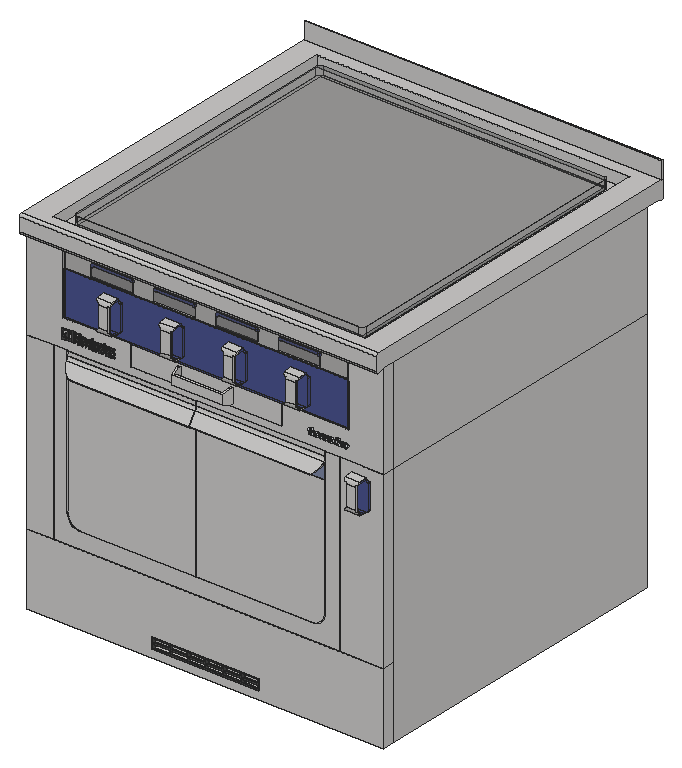
Revit family "QF_ELECTROLUXPROFESSIONAL_588472_MATHFBH4AO", category Attrezzature speciali, Revit 2020 (continued)
Definition of nested family "Front_Panel_W800_Four Knobs"
  Definition of nested family "ELX_Professional_Logo_Small"
    Forms (mm)
      Extrusion 2, solid, material <- "Material_Logo"
        sketch origin (15.5, 0, 0) x (1, 0, 0) y (0, 1, 0)
          loop
            spline (15.638, 1.633) -> (15.586, 2.396) -> (15.435, 3.124) -> (15.192, 3.81) -> (14.863, 4.449) -> (14.455, 5.034) -> (13.975, 5.56) -> (13.43, 6.021) -> (12.826, 6.411) -> (12.17, 6.724) -> (11.469, 6.955) -> (10.729, 7.098) -> (9.958, 7.147)
            spline (9.958, 7.147) -> (9.182, 7.098) -> (8.44, 6.955) -> (7.737, 6.724) -> (7.081, 6.411) -> (6.477, 6.021) -> (5.933, 5.56) -> (5.454, 5.034) -> (5.048, 4.449) -> (4.721, 3.81) -> (4.479, 3.124) -> (4.329, 2.396) -> (4.277, 1.633)
            spline (4.277, 1.633) -> (4.329, 0.869) -> (4.479, 0.141) -> (4.721, -0.544) -> (5.048, -1.183) -> (5.454, -1.768) -> (5.933, -2.294) -> (6.477, -2.755) -> (7.081, -3.145) -> (7.737, -3.459) -> (8.44, -3.69) -> (9.182, -3.833) -> (9.958, -3.882)
            spline (9.958, -3.882) -> (10.729, -3.833) -> (11.469, -3.69) -> (12.17, -3.459) -> (12.826, -3.145) -> (13.43, -2.755) -> (13.975, -2.294) -> (14.455, -1.768) -> (14.863, -1.183) -> (15.192, -0.544) -> (15.435, 0.141) -> (15.586, 0.869) -> (15.638, 1.633)
          loop
            spline (13.18, 1.633) -> (13.151, 2.083) -> (13.067, 2.513) -> (12.932, 2.918) -> (12.748, 3.296) -> (12.52, 3.642) -> (12.251, 3.954) -> (11.943, 4.227) -> (11.601, 4.459) -> (11.228, 4.645) -> (10.828, 4.782) -> (10.403, 4.867) -> (9.958, 4.896)
            spline (9.958, 4.896) -> (9.509, 4.867) -> (9.081, 4.782) -> (8.679, 4.645) -> (8.306, 4.459) -> (7.964, 4.227) -> (7.658, 3.954) -> (7.39, 3.642) -> (7.163, 3.296) -> (6.981, 2.918) -> (6.847, 2.513) -> (6.765, 2.083) -> (6.736, 1.633)
            spline (6.736, 1.633) -> (6.765, 1.182) -> (6.847, 0.753) -> (6.981, 0.347) -> (7.163, -0.031) -> (7.39, -0.377) -> (7.658, -0.689) -> (7.964, -0.962) -> (8.306, -1.193) -> (8.679, -1.38) -> (9.081, -1.517) -> (9.509, -1.602) -> (9.958, -1.631)
            spline (9.958, -1.631) -> (10.403, -1.602) -> (10.828, -1.517) -> (11.228, -1.38) -> (11.601, -1.193) -> (11.943, -0.962) -> (12.251, -0.689) -> (12.52, -0.377) -> (12.748, -0.031) -> (12.932, 0.347) -> (13.067, 0.753) -> (13.151, 1.182) -> (13.18, 1.633)
          loop
            line (17.162, 4.269) -> (17.162, -3.573) -> (19.642, -3.573) -> (19.642, 10.824) -> (17.162, 10.824) -> (17.162, 4.269)
          loop
            line (28.581, 6.838) -> (28.581, 0.786)
            spline (28.581, 0.786) -> (28.561, 0.393) -> (28.503, 0.038) -> (28.409, -0.279) -> (28.281, -0.559) -> (28.122, -0.802) -> (27.933, -1.011) -> (27.717, -1.185) -> (27.476, -1.325) -> (27.213, -1.433) -> (26.929, -1.509) -> (26.626, -1.554) -> (26.308, -1.569)
            spline (26.308, -1.569) -> (25.99, -1.554) -> (25.688, -1.509) -> (25.404, -1.434) -> (25.141, -1.326) -> (24.9, -1.187) -> (24.684, -1.014) -> (24.496, -0.807) -> (24.336, -0.565) -> (24.209, -0.288) -> (24.115, 0.026) -> (24.057, 0.376) -> (24.037, 0.765)
            line (24.037, 0.765) -> (24.037, 6.838) -> (21.537, 6.838) -> (21.537, 0.558)
            spline (21.537, 0.558) -> (21.581, -0.153) -> (21.71, -0.8) -> (21.916, -1.384) -> (22.195, -1.904) -> (22.54, -2.362) -> (22.944, -2.757) -> (23.403, -3.09) -> (23.909, -3.362) -> (24.456, -3.572) -> (25.04, -3.722) -> (25.652, -3.811) -> (26.288, -3.841)
            spline (26.288, -3.841) -> (26.929, -3.811) -> (27.547, -3.72) -> (28.135, -3.568) -> (28.687, -3.355) -> (29.197, -3.079) -> (29.66, -2.741) -> (30.068, -2.341) -> (30.415, -1.877) -> (30.696, -1.349) -> (30.905, -0.757) -> (31.034, -0.101) -> (31.079, 0.621)
            line (31.079, 0.621) -> (31.079, 6.838) -> (28.581, 6.838)
          loop
            line (40.457, -0.243) -> (38.894, 1.942) -> (40.83, 4.579) -> (42.488, 6.837) -> (39.782, 6.837) -> (37.53, 3.719) -> (35.258, 6.837) -> (32.573, 6.837) -> (34.113, 4.731) -> (36.167, 1.922) -> (34.014, -1.076) -> (32.222, -3.573) -> (34.887, -3.573) -> (37.53, 0.104) -> (40.174, -3.573) -> (42.839, -3.573) -> (40.457, -0.243)
          loop
            line (-46.121, -5.837) -> (-48.039, -5.837) -> (-48.039, -10.814) -> (-47.016, -10.814) -> (-47.016, -9.128) -> (-46.121, -9.128)
            arc (-46.121, -9.128) -> (-44.476, -7.482) -> (-46.121, -5.837) r 1.645
          loop
            line (-46.163, -6.778) -> (-47.016, -6.778) -> (-47.016, -8.187) -> (-46.163, -8.187)
            arc (-46.163, -8.187) -> (-45.458, -7.482) -> (-46.163, -6.778) r 0.704
          loop
            line (-38.313, -5.837) -> (-40.265, -5.837) -> (-40.265, -10.814) -> (-39.241, -10.814) -> (-39.241, -9.1) -> (-38.46, -9.182) -> (-37.48, -10.814) -> (-36.318, -10.814) -> (-37.513, -8.848)
            arc (-37.513, -8.848) -> (-36.888, -8.266) -> (-36.671, -7.441) r 1.536
            arc (-36.671, -7.441) -> (-37.165, -6.305) -> (-38.313, -5.837) r 1.643
          loop
            arc (-38.402, -8.166) -> (-37.707, -7.505) -> (-38.334, -6.778) r 0.696
            line (-38.334, -6.778) -> (-39.241, -6.778) -> (-39.241, -8.166) -> (-38.402, -8.166)
          loop
            circle (-29.965, -8.325) r 2.585
          loop
            circle (-29.965, -8.325) r 1.64
          loop
            line (-23.1, -5.837) -> (-23.1, -10.814) -> (-22.076, -10.814) -> (-22.076, -8.768) -> (-20.204, -8.768) -> (-20.204, -7.828) -> (-22.076, -7.828) -> (-22.076, -6.778) -> (-20.024, -6.778) -> (-20.024, -5.837) -> (-23.1, -5.837)
          loop
            line (-15.802, -5.837) -> (-15.802, -9.2)
            arc (-15.802, -9.2) -> (-15.343, -10.34) -> (-14.209, -10.814) r 1.593
            line (-14.209, -10.814) -> (-12.602, -10.814) -> (-12.602, -10.027) -> (-14.004, -10.027)
            arc (-14.004, -10.027) -> (-14.552, -9.8) -> (-14.779, -9.252) r 0.775
            line (-14.779, -9.252) -> (-14.779, -8.424) -> (-12.789, -8.424) -> (-12.789, -7.642) -> (-14.779, -7.642) -> (-14.779, -6.778) -> (-12.651, -6.778) -> (-12.651, -5.837) -> (-15.802, -5.837)
          loop
            line (-5.909, -7.143) -> (-5.173, -6.638)
            arc (-5.173, -6.638) -> (-5.855, -5.974) -> (-6.781, -5.755) r 1.782
            arc (-6.781, -5.755) -> (-7.397, -5.878) -> (-7.944, -6.189) r 1.974
            arc (-7.944, -6.189) -> (-8.202, -6.5) -> (-8.317, -6.888) r 1.013
            arc (-8.317, -6.888) -> (-8.306, -7.341) -> (-8.192, -7.78) r 1.985
            arc (-8.192, -7.78) -> (-7.749, -8.259) -> (-7.171, -8.563) r 1.928
            arc (-7.171, -8.563) -> (-6.637, -8.779) -> (-6.131, -9.056) r 5.041
            arc (-6.131, -9.056) -> (-5.934, -9.387) -> (-6.09, -9.74) r 0.42
            arc (-6.09, -9.74) -> (-6.631, -9.96) -> (-7.204, -9.845) r 1.016
            arc (-7.204, -9.845) -> (-7.625, -9.603) -> (-7.889, -9.196) r 1.033
            line (-7.889, -9.196) -> (-8.67, -9.686)
            arc (-8.67, -9.686) -> (-8.361, -10.198) -> (-7.908, -10.589) r 1.914
            arc (-7.908, -10.589) -> (-7.334, -10.834) -> (-6.714, -10.896) r 2.063
            arc (-6.714, -10.896) -> (-5.947, -10.743) -> (-5.256, -10.376) r 2.696
            arc (-5.256, -10.376) -> (-4.95, -9.565) -> (-5.108, -8.712) r 1.618
            arc (-5.108, -8.712) -> (-5.448, -8.319) -> (-5.884, -8.035) r 1.876
            arc (-5.884, -8.035) -> (-6.434, -7.789) -> (-6.999, -7.577) r 9.883
            arc (-6.999, -7.577) -> (-7.325, -7.07) -> (-6.854, -6.694) r 0.45
            arc (-6.854, -6.694) -> (-6.329, -6.809) -> (-5.909, -7.143) r 1.197
          loop
            line (1.61, -7.143) -> (2.345, -6.638)
            arc (2.345, -6.638) -> (1.663, -5.974) -> (0.737, -5.755) r 1.782
            arc (0.737, -5.755) -> (0.121, -5.878) -> (-0.425, -6.189) r 1.974
            arc (-0.425, -6.189) -> (-0.683, -6.5) -> (-0.799, -6.888) r 1.013
            arc (-0.799, -6.888) -> (-0.788, -7.341) -> (-0.674, -7.78) r 1.985
            arc (-0.674, -7.78) -> (-0.231, -8.259) -> (0.347, -8.563) r 1.928
            arc (0.347, -8.563) -> (0.881, -8.779) -> (1.387, -9.056) r 5.041
            arc (1.387, -9.056) -> (1.584, -9.387) -> (1.428, -9.74) r 0.42
            arc (1.428, -9.74) -> (0.887, -9.96) -> (0.314, -9.845) r 1.016
            arc (0.314, -9.845) -> (-0.107, -9.603) -> (-0.371, -9.196) r 1.033
            line (-0.371, -9.196) -> (-1.152, -9.686)
            arc (-1.152, -9.686) -> (-0.842, -10.198) -> (-0.39, -10.589) r 1.914
            arc (-0.39, -10.589) -> (0.184, -10.834) -> (0.804, -10.896) r 2.063
            arc (0.804, -10.896) -> (1.572, -10.743) -> (2.263, -10.376) r 2.696
            arc (2.263, -10.376) -> (2.568, -9.565) -> (2.411, -8.712) r 1.618
            arc (2.411, -8.712) -> (2.07, -8.319) -> (1.635, -8.035) r 1.876
            arc (1.635, -8.035) -> (1.084, -7.789) -> (0.519, -7.577) r 9.883
            arc (0.519, -7.577) -> (0.193, -7.07) -> (0.665, -6.694) r 0.45
            arc (0.665, -6.694) -> (1.189, -6.809) -> (1.61, -7.143) r 1.197
          loop
            line (6.801, -5.837) -> (6.801, -10.814) -> (7.825, -10.814) -> (7.825, -5.837) -> (6.801, -5.837)
          loop
            circle (14.724, -8.325) r 1.548
          loop
            circle (14.724, -8.325) r 2.585
          loop
            line (21.59, -10.814) -> (22.623, -10.814) -> (22.623, -7.685) -> (24.9, -10.814) -> (25.895, -10.814) -> (25.895, -5.837) -> (24.861, -5.837) -> (24.861, -9.061) -> (22.585, -5.837) -> (21.59, -5.837) -> (21.59, -10.814)
          loop
            line (31.054, -10.814) -> (31.539, -9.74) -> (33.38, -9.74) -> (33.865, -10.814) -> (34.965, -10.814) -> (32.46, -5.837) -> (29.956, -10.814) -> (31.054, -10.814)
          loop
            line (32.46, -7.698) -> (31.999, -8.719) -> (32.921, -8.719) -> (32.46, -7.698)
          loop
            line (40.047, -9.873) -> (40.047, -5.837) -> (39.024, -5.837) -> (39.024, -10.814) -> (41.961, -10.814) -> (41.961, -9.873) -> (40.047, -9.873)
          loop
            line (-74.986, -10.814) -> (-53.322, -10.814) -> (-53.322, 10.82) -> (-74.986, 10.82) -> (-74.986, -10.814)
          loop
            line (-61.261, 9.758) -> (-61.261, -9.707)
            arc (-61.261, -9.707) -> (-54.066, 0.025) -> (-61.261, 9.758) r 10.18
          loop
            line (-62.251, 8.349) -> (-62.251, 9.758)
            arc (-62.251, 9.758) -> (-70.347, 7.918) -> (-74.247, 0.59) r 9.976
            line (-74.247, 0.59) -> (-71.026, 0.59)
            arc (-71.026, 0.59) -> (-65.274, 2.925) -> (-62.251, 8.349) r 9.351
          loop
            arc (-74.247, -0.539) -> (-70.353, -7.928) -> (-62.251, -9.957) r 10.237
            line (-62.251, -9.957) -> (-62.251, -8.298)
            arc (-62.251, -8.298) -> (-65.274, -2.874) -> (-71.026, -0.539) r 9.351
            line (-71.026, -0.539) -> (-74.247, -0.539)
        from 0 to 1.644
    Dimensions and locks
      aligned and locked: plane 2 to Extrusion 1
      aligned and locked: level to Extrusion 1
Definition of nested family "H450H2_2DOOR"
  Parameters
    Width [instance] = 580 mm
    Wdoor [instance] = Width / 2  # 290 mm
    Show Clearance [instance] = yes
    Model = "727995"
    Height = 450 mm
    Default Elevation = 0 mm
  Reference planes
    plane 1 "Center (Front/Back)": y = 0
    plane 2: z = 0
    plane 3 "Center (Left/Right)": x = 36.042
    plane 4 "panel": z = 25
    plane 5: x = -253.958
    plane 6: x = 326.042
    plane 7: y = 450
    plane 8: z = 290
    plane 9: z = 45
  Forms (mm)
    Extrusion 1, solid
      sketch origin (0, -919.2, 0) x (1, 0, 0) y (0, 1, 0)
        loop
          line (-980.5, 2119.2) -> (-980.5, -162.846) -> (881.94, -162.846) -> (881.94, 2119.2) -> (-980.5, 2119.2)
      from 0 to -59.546
    Extrusion 2, solid
      sketch origin (0, 0, 0) x (1, 0, 0) y (0, 1, 0)
        loop
          line (324.042, 393) -> (37.042, 393) -> (37.042, 97) -> (294.042, 97)
          arc (294.042, 97) -> (315.255, 105.787) -> (324.042, 127) r 30
          line (324.042, 127) -> (324.042, 393)
        loop
          arc (-251.958, 127) -> (-243.171, 105.787) -> (-221.958, 97) r 30
          line (-221.958, 97) -> (35.042, 97) -> (35.042, 393) -> (-251.958, 393) -> (-251.958, 127)
      from 0 to 25
    Extrusion 3, solid
      sketch origin (0, 0, 0) x (1, 0, 0) y (0, 1, 0)
        loop
          line (-251.958, 393) -> (35.042, 393) -> (35.042, 440) -> (-251.958, 440) -> (-251.958, 393)
        loop
          line (37.042, 440) -> (37.042, 393) -> (324.042, 393) -> (324.042, 440) -> (37.042, 440)
      from 0 to 25
    Extrusion 4, solid
      sketch origin (5.581, 79.805, 0) x (1, 0, 0) y (0, 1, 0)
        loop
          line (-257.539, 360.195) -> (29.461, 360.195) -> (29.461, 370.195) -> (-257.539, 370.195) -> (-257.539, 360.195)
        loop
          line (31.461, 370.195) -> (31.461, 360.195) -> (318.461, 360.195) -> (318.461, 370.195) -> (31.461, 370.195)
      from 0 to 25
    Extrusion 5, solid
      sketch origin (36.042, 0, 0) x (0, 1, 0) y (0, 0, 1)
        loop
          line (426.693, 25) -> (440.02, 25)
          arc (440.02, 25) -> (435.261, 25.775) -> (430.993, 28.02) r 15
          line (430.993, 28.02) -> (406.653, 46.362) -> (403.644, 42.369) -> (426.693, 25)
      from 1 to 288
    Extrusion 6, solid
      sketch origin (36.042, 0, 0) x (0, 1, 0) y (0, 0, 1)
        loop
          line (426.693, 25) -> (440.02, 25)
          arc (440.02, 25) -> (435.261, 25.775) -> (430.993, 28.02) r 15
          line (430.993, 28.02) -> (406.653, 46.362) -> (403.644, 42.369) -> (426.693, 25)
      from -288 to -1
    Extrusion 7, void
      sketch origin (0, 0, 0) x (1, 0, 0) y (0, 1, 0)
        loop
          arc (324.042, 426.693) -> (314.508, 412.772) -> (300.317, 403.644) r 42.603
          line (300.317, 403.644) -> (324.042, 403.644) -> (324.042, 426.693)
      from 0 to 47.9
    Extrusion 8, void
      sketch origin (72.084, 0, 0) x (-1, 0, 0) y (0, -1, 0)
        loop
          line (324.042, -426.693) -> (324.042, -403.644) -> (300.317, -403.644)
          arc (300.317, -403.644) -> (314.508, -412.772) -> (324.042, -426.693) r 42.603
      from 0 to 47.9
    Extrusion 9, solid, detail levels coarse
      sketch origin (0, 0, 0) x (1, 0, 0) y (0, 0, 1)
        loop
          arc (36.042, 25) -> (-41.575, 212.383) -> (-228.958, 290) r 265
          line (-228.958, 290) -> (-228.958, 25) -> (36.042, 25)
      from -450 to -97
    Extrusion 10, solid, detail levels coarse
      sketch origin (0, 0, 0) x (1, 0, 0) y (0, 0, 1)
        loop
          arc (301.042, 290) -> (113.659, 212.383) -> (36.042, 25) r 265
          line (36.042, 25) -> (301.042, 25) -> (301.042, 290)
      from -450 to -97
  Cuts and joins
    Extrusion 8 cuts Extrusion 6
    Extrusion 7 cuts Extrusion 5
  Lines and regions (mm)
    symbolic lines
      curve 1: line (326.042, 0, 45) -> (326.042, 0, 290)
      curve 2: line (301.042, 0, 45) -> (301.042, 0, 290)
      curve 3: line (326.042, 0, 290) -> (301.042, 0, 290)
      curve 4: line (-253.958, 0, 45) -> (-253.958, 0, 290)
      curve 5: line (-228.958, 0, 45) -> (-228.958, 0, 290)
      curve 6: line (-253.958, 0, 290) -> (-228.958, 0, 290)
      curve 7: arc (301.042, 0, 290) -> (120.901, 0, 219.356) -> (36.804, 0, 45.088) r 265
      curve 8: arc (35.286, 0, 44.997) -> (-48.783, 0, 219.325) -> (-228.958, 0, 290) r 265
  Dimensions and locks
    plane 4 "panel" to level = 25 mm
    "Width": plane 5 to plane 6
    equal spacing: plane 5, plane 3 "Center (Left/Right)", plane 6
    "Height": plane 1 "Center (Front/Back)" to plane 7
    locked: plane 5 to Extrusion 2 sketch curve at 2
    locked: Extrusion 2 sketch curve to plane 6 at 2
    locked: plane 1 "Center (Front/Back)" to Extrusion 2 sketch curve at 97
    locked: plane 7 to Extrusion 2 sketch curve at 57
    locked: Extrusion 2 sketch curve to plane 3 "Center (Left/Right)" at 1
    locked: plane 3 "Center (Left/Right)" to Extrusion 2 sketch curve at 1
    Extrusion 3 sketch curve to Extrusion 2 = 47 mm
    "Wdoor": plane 8 to level
    locked: curve 2 to curve 1 at 25
    locked: curve 5 to curve 4 at 25
    plane 4 "panel" to plane 9 = 20 mm
    aligned and locked: plane 2 to Extrusion 1
    aligned and locked: level to Extrusion 1
    aligned and locked: plane 4 "panel" to Extrusion 2
    aligned and locked: Extrusion 2 to Extrusion 3 sketch curve
    aligned and locked: Extrusion 3 sketch curve to Extrusion 2  (x2)
    aligned and locked: Extrusion 3 sketch curve to Extrusion 3 sketch curve
    aligned and locked: plane 4 "panel" to Extrusion 3
    aligned and locked: Extrusion 4 sketch curve to Extrusion 4 sketch curve
    aligned and locked: Extrusion 4 sketch curve to Extrusion 3  (x3)
    aligned and locked: Extrusion 3 to Extrusion 4 sketch curve
    aligned and locked: Extrusion 4 sketch curve to plane 7
    aligned and locked: Extrusion 3 to Extrusion 5
    aligned and locked: Extrusion 5 to Extrusion 3
    aligned and locked: Extrusion 6 to Extrusion 3
    aligned and locked: Extrusion 3 to Extrusion 6
    aligned and locked: Extrusion 7 sketch curve to Extrusion 5
    aligned and locked: Extrusion 8 to Extrusion 6
    aligned and locked: Extrusion 4 to Extrusion 8
    aligned and locked: Extrusion 2 to Extrusion 7
    aligned and locked: Extrusion 7 to Extrusion 5
    aligned and locked: Extrusion 4 to Extrusion 3  (x2)
    aligned and locked: Extrusion 3 to Extrusion 2
    aligned and locked: Extrusion 4 to Extrusion 2
    aligned and locked: curve 3 to plane 8
    aligned and locked: curve 1 to plane 6
    aligned and locked: curve 4 to plane 5
    aligned and locked: Extrusion 9 sketch curve to plane 4 "panel"
    aligned and locked: Extrusion 10 sketch curve to curve 7
    aligned and locked: Extrusion 10 sketch curve to curve 2
    aligned and locked: Extrusion 2 to Extrusion 9
    aligned and locked: Extrusion 2 to Extrusion 10
    aligned and locked: plane 7 to Extrusion 9
    aligned and locked: Extrusion 3 to Extrusion 4
  Automatic sketch dimensions
    Extrusion 1 sketch curve to Extrusion 1 sketch curve = 1862.44 mm
    Extrusion 1 sketch curve to Extrusion 1 sketch curve = 2282.046 mm
    Extrusion 2 sketch curve to Extrusion 2 sketch curve = 30 mm  (x2)
    Extrusion 2 sketch curve to plane 1 "Center (Front/Back)" = 97 mm
    Extrusion 2 sketch curve to Extrusion 2 sketch curve = 0 mm
    Extrusion 3 sketch curve to plane 3 "Center (Left/Right)" = 1 mm
    plane 5 to Extrusion 3 sketch curve = 2 mm
    Extrusion 3 sketch curve to Extrusion 3 sketch curve = 0 mm
    Extrusion 5 sketch curve to plane 4 "panel" = 0 mm
    plane 4 "panel" to Extrusion 5 sketch curve = 17.369 mm
    Extrusion 5 sketch curve to plane 7 = 46.356 mm
    plane 4 "panel" to Extrusion 5 sketch curve = 21.362 mm
    Extrusion 5 sketch curve to Extrusion 5 sketch curve = 3.009 mm
    plane 4 "panel" to Extrusion 5 sketch curve = 3.02 mm
    Extrusion 5 sketch curve to Extrusion 5 sketch curve = 9.027 mm
    Extrusion 6 sketch curve to plane 4 "panel" = 0 mm
    plane 4 "panel" to Extrusion 6 sketch curve = 17.369 mm
    Extrusion 6 sketch curve to plane 7 = 46.356 mm
    plane 4 "panel" to Extrusion 6 sketch curve = 21.362 mm
    Extrusion 6 sketch curve to Extrusion 6 sketch curve = 3.009 mm
    plane 4 "panel" to Extrusion 6 sketch curve = 3.02 mm
    Extrusion 6 sketch curve to Extrusion 6 sketch curve = 9.027 mm
    Extrusion 7 sketch curve to Extrusion 7 sketch curve = 23.725 mm
    Extrusion 7 sketch curve to plane 7 = 6.671 mm
    Extrusion 7 sketch curve to plane 6 = 41.221 mm
    Extrusion 7 sketch curve to plane 7 = 23.307 mm
    plane 7 to Extrusion 8 sketch curve = 6.671 mm
    Extrusion 8 sketch curve to plane 5 = 41.221 mm
    Extrusion 8 sketch curve to plane 5 = 25.725 mm
    Extrusion 8 sketch curve to plane 5 = 2 mm
    plane 7 to Extrusion 8 sketch curve = 23.307 mm
    Extrusion 4 sketch curve to Extrusion 4 sketch curve = 10 mm
    Extrusion 4 sketch curve to plane 7 = 10 mm
    curve 2 to plane 9 = 0 mm
    curve 5 to plane 9 = 0 mm
    curve 4 to plane 9 = 0 mm
    curve 1 to plane 9 = 0 mm
    curve 8 to plane 4 "panel" = 0 mm
    curve 5 to plane 8 = 0 mm
    curve 8 to plane 9 = 0.003 mm
    curve 7 to plane 4 "panel" = 0 mm
    plane 9 to curve 7 = 0.088 mm
Definition of nested family "Warm"
  Reference planes
    plane 1 "Center (Front/Back)": y = 0
    plane 2: z = 0
    plane 3 "Center (Left/Right)": x = 0
  Lines and regions (mm)
    detail lines, in view "Ref. Level"
      curve 1: circle (-165.742, 180.331, 0) r 45 normal (0, 0, 1)
      curve 2: line (-165.742, 125.331, 0) -> (-165.742, 80.331, 0)
      curve 3: line (-165.742, 235.331, 0) -> (-165.742, 280.331, 0)
      curve 4: line (-105.742, 180.331, 0) -> (-65.742, 180.331, 0)
      curve 5: line (-220.742, 180.331, 0) -> (-265.742, 180.331, 0)
      curve 6: line (-126.851, 141.44, 0) -> (-95.031, 109.62, 0)
      curve 7: line (-204.632, 219.221, 0) -> (-236.452, 251.041, 0)
      curve 8: line (-126.851, 219.221, 0) -> (-95.031, 251.041, 0)
      curve 9: line (-204.632, 141.44, 0) -> (-236.452, 109.62, 0)
